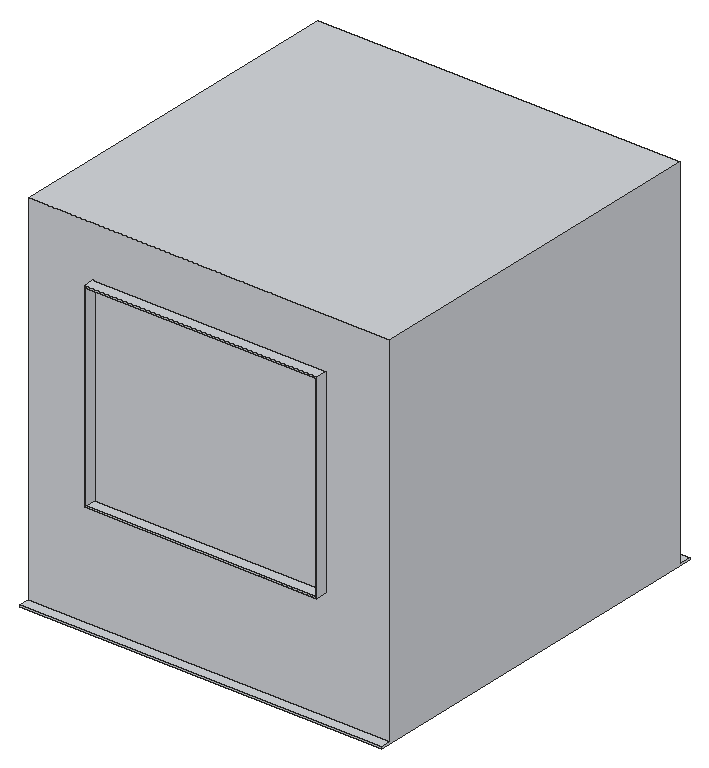
Revit family "BOX BD", category Modelos genéricos, Revit 2017
Family settings
  Puede alojar armadura = No
  Cota de conector redondo = Diámetro de uso
  Tipo de pieza = Normal
  Se basa en plano de trabajo = No
  Siempre vertical = Sí
  Corte con vacíos al cargar = No
  Compartido = No
  Punto de cálculo de habitación = No
Parameters (values of type "BOX BD 15/15")
  URL = "www.casals.com"
  N = 27 mm
  Material = none
  M = 23 mm
  L = 71 mm
  K = 52 mm
  J = B - K - L  # 652 mm
  I = 650 mm
  H = 239 mm
  Fabricante = "Casals Ventilación"
  F = 113 mm
  Esp = 3 mm
  E = B - F - H  # 423 mm
  Dimensiones = "775x775x825"
  D = 493 mm
  C = 775 mm
  B = 775 mm
  A = 775 mm
Types (6, lengths in mm): name | L | K | J | I | H | F | E | Dimensiones | D | C | B | A
  (no name) | 71 | 52 | 652 | 650 | 239 | 113 | 423 | "775x775x825" | 493 | 775 | 775 | 775
  BOX BD 7/7 | 78 | 60 | 312 | 352 | 145 | 76 | 229 | "450x450x500" | 252 | 450 | 450 | 450
  BOX BD 9/9 | 96 | 78 | 361 | 418 | 164 | 91 | 280 | "535x535x585" | 321 | 535 | 535 | 535
  BOX BD 10/10 | 88 | 69 | 423 | 493 | 190 | 79 | 311 | "580x580x630\r\n580x580x630" | 352 | 580 | 580 | 580
  BOX BD 12/12 | 83 | 65 | 502 | 576 | 211 | 78 | 361 | "650x650x700" | 418 | 650 | 650 | 650
  BOX BD 15/15 | 71 | 52 | 652 | 650 | 239 | 113 | 423 | "775x775x825" | 493 | 775 | 775 | 775
Reference planes
  plane 1 "Centro (Frontal/Posterior)": y = 0
  plane 2: z = 0
  plane 3 "Centro (Izquierda/Derecha)": x = 0
  plane 4: x = -387.5
  plane 5: x = 387.5
  plane 6: z = 775
  plane 7: y = -387.5
  plane 8: y = 387.5
  plane 9: y = -410.5
  plane 10: y = 414.5
  plane 11: z = 662
  plane 12: z = 239
  plane 13: x = -246.5
  plane 14: x = 246.5
  plane 15: z = 665
  plane 16: z = 242
  plane 17: x = 249.5
  plane 18: x = -249.5
  plane 19: z = 723
  plane 20: z = 71
  plane 21: x = -325
  plane 22: x = 325
  plane 23: z = 726
  plane 24: z = 68
  plane 25: x = -328
  plane 26: x = 328
  plane 27: z = 3
Forms (mm)
  Extrusion 1, solid, material <- "Material"
    sketch origin (0, 0, 0) x (1, 0, 0) y (0, 0, 1)
      loop
        line (-387.5, 775) -> (-387.5, 0) -> (387.5, 0) -> (387.5, 775) -> (-387.5, 775)
    from -387.5 to 387.5
  Extrusion 2, solid, material <- "Material"
    sketch origin (0, 0, 0) x (1, 0, 0) y (0, 0, 1)
      loop
        line (-249.5, 665) -> (-249.5, 239) -> (249.5, 239) -> (249.5, 665) -> (-249.5, 665)
      loop
        line (-246.5, 662) -> (-246.5, 242) -> (246.5, 242) -> (246.5, 662) -> (-246.5, 662)
    from 387.5 to 410.5
  Extrusion 3, solid, material <- "Material"
    sketch origin (0, 0, 0) x (1, 0, 0) y (0, 0, 1)
      loop
        line (-328, 726) -> (-328, 68) -> (328, 68) -> (328, 726) -> (-328, 726)
      loop
        line (-325, 723) -> (-325, 71) -> (325, 71) -> (325, 723) -> (-325, 723)
    from -414.5 to -387.5
  Extrusion 4, solid, material <- "Material"
    sketch origin (0, 0, 0) x (0, 1, 0) y (0, 0, 1)
      loop
        line (-387.5, 0) -> (-387.5, 3) -> (-410.5, 3) -> (-410.5, 0) -> (-387.5, 0)
    from -387.5 to 387.5
  Extrusion 5, solid, material <- "Material"
    sketch origin (0, 0, 0) x (0, 1, 0) y (0, 0, 1)
      loop
        line (414.5, 0) -> (414.5, 3) -> (387.5, 3) -> (387.5, 0) -> (414.5, 0)
    from -387.5 to 387.5
Cuts and joins
  joined: Extrusion 1, Extrusion 2, Extrusion 3, Extrusion 4, Extrusion 5
Dimensions and locks
  equal spacing: plane 5, plane 3 "Centro (Izquierda/Derecha)", plane 4
  "B": plane 6 to level
  "A": plane 5 to plane 4
  equal spacing: plane 7, plane 1 "Centro (Frontal/Posterior)", plane 8
  "M": plane 9 to plane 7
  "C": plane 7 to plane 8
  "N": plane 8 to plane 10
  equal spacing: plane 14, plane 3 "Centro (Izquierda/Derecha)", plane 13
  "D": plane 14 to plane 13
  "F": plane 6 to plane 11
  "H": plane 12 to plane 2
  "Esp": plane 13 to plane 18
  "Esp": plane 17 to plane 14
  "Esp": plane 15 to plane 11
  "Esp": plane 16 to plane 12
  equal spacing: plane 22, plane 3 "Centro (Izquierda/Derecha)", plane 21
  "K": plane 6 to plane 19
  "L": plane 20 to plane 2
  "I": plane 22 to plane 21
  "Esp": plane 21 to plane 25
  "Esp": plane 26 to plane 22
  "Esp": plane 23 to plane 19
  "Esp": plane 20 to plane 24
  "Esp": plane 27 to plane 2
  aligned and locked: level to plane 2
  aligned and locked: Extrusion 1 sketch curve to plane 6
  aligned and locked: plane 2 to Extrusion 1 sketch curve
  aligned and locked: Extrusion 1 to plane 7
  aligned and locked: plane 8 to Extrusion 1
  aligned and locked: Extrusion 2 sketch curve to plane 15
  aligned and locked: Extrusion 2 sketch curve to plane 17
  aligned and locked: plane 13 to Extrusion 2 sketch curve
  aligned and locked: Extrusion 2 sketch curve to plane 16
  aligned and locked: Extrusion 2 sketch curve to plane 14
  aligned and locked: Extrusion 2 to plane 9
  aligned and locked: plane 7 to Extrusion 2
  aligned and locked: Extrusion 3 sketch curve to plane 23
  aligned and locked: plane 25 to Extrusion 3 sketch curve
  aligned and locked: Extrusion 3 sketch curve to plane 26
  aligned and locked: Extrusion 3 sketch curve to plane 19
  aligned and locked: Extrusion 3 sketch curve to plane 20
  aligned and locked: Extrusion 3 sketch curve to plane 22
  aligned and locked: plane 10 to Extrusion 3
  aligned and locked: Extrusion 3 to plane 8
  aligned and locked: level to Extrusion 5 sketch curve
  aligned and locked: Extrusion 5 sketch curve to plane 10
  aligned and locked: plane 8 to Extrusion 5 sketch curve
  aligned and locked: plane 27 to Extrusion 4
  aligned and locked: Extrusion 5 to plane 27
  aligned and locked: Extrusion 4 to plane 4
  aligned and locked: Extrusion 5 to plane 4
  aligned and locked: plane 5 to Extrusion 4
  aligned and locked: plane 5 to Extrusion 5
Automatic sketch dimensions
  Extrusion 1 sketch curve to plane 4 = 0 mm
  Extrusion 1 sketch curve to plane 5 = 0 mm
  Extrusion 3 sketch curve to plane 21 = 0 mm
  Extrusion 3 sketch curve to plane 24 = 0 mm
  Extrusion 4 sketch curve to level = 0 mm
  Extrusion 4 sketch curve to plane 9 = 0 mm
  Extrusion 4 sketch curve to plane 7 = 0 mm
  level to Extrusion 5 sketch curve = 3 mm
  level to Extrusion 4 sketch curve = 3 mm
  Extrusion 2 sketch curve to plane 12 = 0 mm
  Extrusion 2 sketch curve to plane 18 = 0 mm
  Extrusion 2 sketch curve to plane 11 = 0 mm
Connectors
  hvac at (0, -410.5, 452), driven by "E", driven by "D"
    settings: on Extrusion 2, index 1, duct flow 0.0 L/s, flow factor 0, pres drop 0.0 Pa, loss coef 0, conn angle 0.00°, conn width 493 mm, conn height 423 mm, conn diameter 609.6 mm, duct sys type 1, conn prof type 1, flow config 0, flow direction 2, loss method 0, conn ref index -1, conn util no, is conn primary yes, conn desc ""
  hvac at (0, 414.5, 397), driven by "J", driven by "I"
    settings: on Extrusion 3, index 2, duct flow 0.0 L/s, flow factor 0, pres drop 0.0 Pa, loss coef 0, conn angle 0.00°, conn width 650 mm, conn height 652 mm, conn diameter 609.6 mm, duct sys type 1, conn prof type 1, flow config 0, flow direction 1, loss method 0, conn ref index -1, conn util no, is conn primary no, conn desc ""
